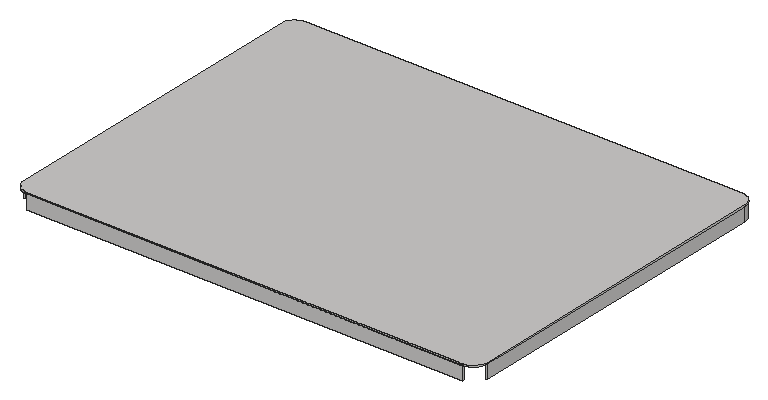
Revit family "Roskapussitelineen kansi", category Casework, Revit 2015
Parameters (values of type "1882-1 rosteri")
  ruostumaton teräs = ruostumaton teräs
  radius = 10 mm
  URL = "http://www.korpinen.com/"
  NominalLength = 0 mm
  NominalHeight = 0 mm
  NominalDepth = 0 mm
  Model = "Roskapussitelineen kansi"
  Manufacturer = "Korpinen"
  Keynote = "1882-1"
  IfcExportType = ""
  IfcExportAs = ""
  IfcClassification = ""
  Depth = 255 mm
  Height = 10 mm
  Width = 340 mm
  Author = "ProdLib Oy"
Types (3, lengths in mm): name | ruostumaton teräs
  (no name) | ruostumaton teräs
  1882-1 rosteri | ruostumaton teräs
  1882-1 valkoinen | ruostumaton teräs valkoinen
Reference planes
  plane 1 "Back": y = -354.6
  plane 2: z = 0
  plane 3 "Center (Left/Right)": x = 18.738
  plane 4 "Left": x = -151.262
  plane 5 "Right": x = 188.738
  plane 6 "Front": y = -609.6
  plane 7 "Top": z = 10
  plane 8: z = 11
  plane 9: x = -152.262
  plane 10: x = 189.738
  plane 11: y = -610.6
  plane 12: y = -353.6
  plane 13: x = 179.738
  plane 14: x = -142.262
  plane 15: y = -600.6
  plane 16: y = -363.6
Forms (mm)
  Extrusion 1, solid, material "ruostumaton teräs" <- "ruostumaton teräs"
    sketch origin (0, 0, 0) x (1, 0, 0) y (0, 1, 0)
      loop
        arc (-142.262, -353.6) -> (-149.333, -356.529) -> (-152.262, -363.6) r 10
        line (-152.262, -363.6) -> (-152.262, -600.6)
        arc (-152.262, -600.6) -> (-149.333, -607.671) -> (-142.262, -610.6) r 10
        line (-142.262, -610.6) -> (179.738, -610.6)
        arc (179.738, -610.6) -> (186.809, -607.671) -> (189.738, -600.6) r 10
        line (189.738, -600.6) -> (189.738, -363.6)
        arc (189.738, -363.6) -> (186.809, -356.529) -> (179.738, -353.6) r 10
        line (179.738, -353.6) -> (-142.262, -353.6)
    from 10 to 11
  Extrusion 2, solid, material "ruostumaton teräs" <- "ruostumaton teräs"
    sketch origin (0, 0, 0) x (1, 0, 0) y (0, 1, 0)
      loop
        line (-142.262, -609.6) -> (-142.262, -610.6) -> (179.738, -610.6) -> (179.738, -609.6) -> (-142.262, -609.6)
      loop
        line (-152.262, -600.6) -> (-151.262, -600.6) -> (-151.262, -363.6)
        arc (-151.262, -363.6) -> (-148.626, -357.236) -> (-142.262, -354.6) r 9
        line (-142.262, -354.6) -> (179.738, -354.6)
        arc (179.738, -354.6) -> (186.102, -357.236) -> (188.738, -363.6) r 9
        line (188.738, -363.6) -> (188.738, -600.6) -> (189.738, -600.6) -> (189.738, -363.6)
        arc (189.738, -363.6) -> (186.809, -356.529) -> (179.738, -353.6) r 10
        line (179.738, -353.6) -> (-142.262, -353.6)
        arc (-142.262, -353.6) -> (-149.333, -356.529) -> (-152.262, -363.6) r 10
        line (-152.262, -363.6) -> (-152.262, -600.6)
    from 0 to 10
Lines and regions (mm)
  symbolic lines
    curve 1: line (-152.262, -609.6, 0) -> (-152.262, -609.6, 11)
    curve 2: line (-152.262, -609.6, 11) -> (189.738, -609.6, 11)
    curve 3: line (189.738, -609.6, 11) -> (189.738, -609.6, 0)
    curve 4: line (189.738, -609.6, 0) -> (188.738, -609.6, 0)
    curve 5: line (188.738, -609.6, 0) -> (188.738, -609.6, 10)
    curve 6: line (188.738, -609.6, 10) -> (179.738, -609.6, 10)
    curve 7: line (179.738, -609.6, 10) -> (179.738, -609.6, 0)
    curve 8: line (179.738, -609.6, 0) -> (-142.262, -609.6, 0)
    curve 9: line (-142.262, -609.6, 0) -> (-142.262, -609.6, 10)
    curve 10: line (-142.262, -609.6, 10) -> (-151.262, -609.6, 10)
    curve 11: line (-151.262, -609.6, 10) -> (-151.262, -609.6, 0)
    curve 12: line (-151.262, -609.6, 0) -> (-152.262, -609.6, 0)
    curve 13: line (188.738, -600.6, 0) -> (188.738, -600.6, 10)
    curve 14: line (188.738, -600.6, 10) -> (188.738, -609.6, 10)
    curve 15: line (188.738, -609.6, 10) -> (188.738, -609.6, 0)
    curve 16: line (188.738, -609.6, 0) -> (188.738, -610.6, 0)
    curve 17: line (188.738, -610.6, 0) -> (188.738, -610.6, 11)
    curve 18: line (188.738, -610.6, 11) -> (188.738, -353.6, 11)
    curve 19: line (188.738, -353.6, 11) -> (188.738, -353.6, 0)
    curve 20: line (188.738, -353.6, 0) -> (188.738, -600.6, 0)
    curve 21: line (-152.262, -363.6, 0) -> (-152.262, -600.6, 0)
    curve 22: arc (-152.262, -600.6, 0) -> (-149.333, -607.671, 0) -> (-142.262, -610.6, 0) r 10
    curve 23: line (-142.262, -610.6, 0) -> (179.738, -610.6, 0)
    curve 24: arc (179.738, -610.6, 0) -> (186.809, -607.671, 0) -> (189.738, -600.6, 0) r 10
    curve 25: line (189.738, -600.6, 0) -> (189.738, -363.6, 0)
    curve 26: arc (189.738, -363.6, 0) -> (186.809, -356.529, 0) -> (179.738, -353.6, 0) r 10
    curve 27: line (179.738, -353.6, 0) -> (-142.262, -353.6, 0)
    curve 28: arc (-142.262, -353.6, 0) -> (-149.333, -356.529, 0) -> (-152.262, -363.6, 0) r 10
Dimensions and locks
  "Depth": plane 6 "Front" to plane 1 "Back"
  "Width": plane 4 "Left" to plane 5 "Right"
  equal spacing: plane 4 "Left", plane 3 "Center (Left/Right)", plane 5 "Right"
  "Height": level to plane 7 "Top"
  locked: plane 8 to plane 7 "Top" at 1
  locked: plane 10 to plane 5 "Right" at 1
  locked: plane 4 "Left" to plane 9 at 1
  locked: plane 12 to plane 1 "Back" at 1
  locked: plane 6 "Front" to plane 11 at 1
  "radius": plane 13 to plane 10
  "radius": plane 9 to plane 14
  "radius": plane 15 to plane 11
  "radius": plane 12 to plane 16
  aligned and locked: plane 2 to level
  aligned and locked: plane 9 to Extrusion 1 sketch curve  (x2)
  aligned and locked: plane 15 to Extrusion 1 sketch curve  (x2)
  aligned and locked: plane 14 to Extrusion 1 sketch curve  (x2)
  aligned and locked: plane 11 to Extrusion 1 sketch curve  (x2)
  aligned and locked: plane 10 to Extrusion 1 sketch curve  (x2)
  aligned and locked: plane 13 to Extrusion 1 sketch curve  (x2)
  aligned and locked: plane 12 to Extrusion 1 sketch curve  (x2)
  aligned and locked: plane 16 to Extrusion 1 sketch curve  (x2)
  aligned and locked: plane 7 "Top" to Extrusion 1
  aligned and locked: plane 8 to Extrusion 1
  aligned and locked: Extrusion 2 to plane 2
  aligned and locked: Extrusion 2 to plane 7 "Top"
Automatic sketch dimensions
  Extrusion 2 sketch curve to Extrusion 2 sketch curve = 0 mm  (x4)
  Extrusion 2 sketch curve to plane 9 = 0 mm
  Extrusion 2 sketch curve to plane 14 = 0 mm  (x2)
  Extrusion 2 sketch curve to plane 11 = 0 mm
  plane 1 "Back" to Extrusion 2 sketch curve = 0 mm
  Extrusion 2 sketch curve to plane 13 = 0 mm  (x2)
  Extrusion 2 sketch curve to plane 5 "Right" = 0 mm
  plane 6 "Front" to Extrusion 2 sketch curve = 0 mm
  Extrusion 2 sketch curve to plane 15 = 0 mm  (x2)
  Extrusion 2 sketch curve to plane 16 = 0 mm
  curve 1 to level = 0 mm
  curve 12 to plane 9 = 0 mm
  plane 4 "Left" to curve 12 = 0 mm
  curve 9 to plane 7 "Top" = 0 mm
  curve 9 to plane 14 = 0 mm
  curve 7 to level = 0 mm
  curve 7 to plane 13 = 0 mm
  plane 5 "Right" to curve 6 = 0 mm
  curve 4 to level = 0 mm
  curve 4 to plane 10 = 0 mm
  curve 6 to plane 7 "Top" = 0 mm
  curve 2 to plane 8 = 0 mm
  curve 19 to plane 8 = 0 mm
  curve 19 to plane 12 = 0 mm
  curve 20 to level = 0 mm
  plane 7 "Top" to curve 14 = 0 mm
  curve 20 to plane 15 = 0 mm
  curve 15 to plane 6 "Front" = 0 mm
  curve 18 to plane 11 = 0 mm
  curve 17 to level = 0 mm
  curve 22 to plane 11 = 0 mm
  curve 22 to plane 14 = 0 mm
  curve 28 to plane 14 = 0 mm
  curve 27 to plane 12 = 0 mm
  curve 23 to plane 13 = 0 mm
  curve 26 to plane 13 = 0 mm
  curve 25 to plane 10 = 0 mm
  curve 21 to plane 16 = 0 mm
